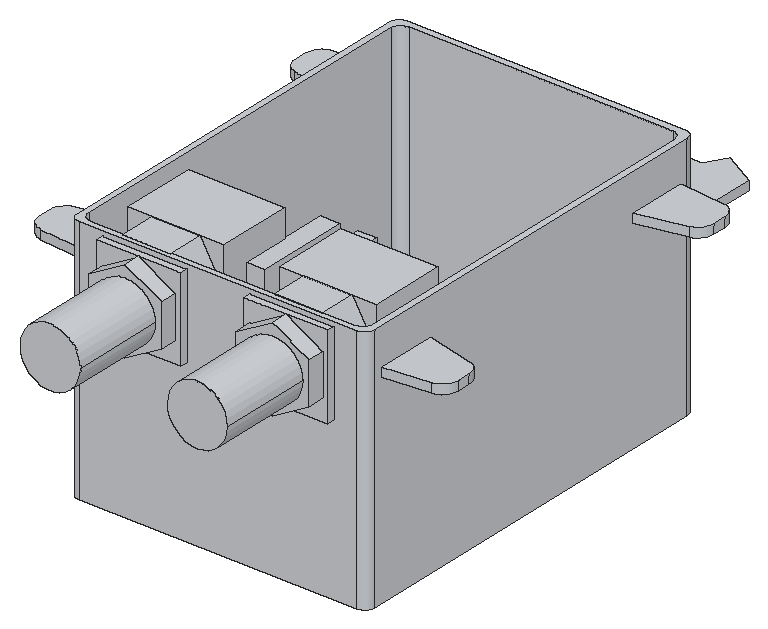
Revit family
Parameters
  Waste Connection = no
  Outlet Connector Type = "3/4 MHT"
  Inlet Connector Type = "1/2 Female Sweat"
  Frame Visibility [instance] = no
  Default Elevation = 40.00"
Reference planes (in)
  plane 1 "Center (Front/Back)": y = 0
  plane 2: z = 0
  plane 3 "Center (Left/Right)": x = 0
Forms (in)
  Extrusion 1, solid, not visible
    sketch origin (0, 0, 0) x (1, 0, 0) y (0, 1, 0)
      loop
        line (-48, 48) -> (-48, -48) -> (48, -48) -> (48, 48) -> (-48, 48)
    from 0 to -12
  Extrusion 2, solid
    sketch origin (-7.70397, -2.8125, -0.625) x (1, 0, 0) y (0, 1, 0)
      loop
        line (9.74457, 5.38) -> (9.74457, 4.5495) -> (10.41144, 4.7033)
        arc (10.41144, 4.7033) -> (10.53349, 4.78027) -> (10.58107, 4.9165) r 0.2188
        line (10.58107, 4.9165) -> (10.58107, 5.0987)
        arc (10.58107, 5.0987) -> (10.52446, 5.24556) -> (10.38392, 5.31643) r 0.2188
        line (10.38392, 5.31643) -> (9.74457, 5.38)
    from 0 to 0.125
  Extrusion 3, solid
    sketch origin (7.70397, -2.8125, -0.625) x (-1, 0, 0) y (0, -1, 0)
      loop
        line (9.74457, -5.38) -> (10.38392, -5.31643)
        arc (10.38392, -5.31643) -> (10.52446, -5.24556) -> (10.58107, -5.0987) r 0.2188
        line (10.58107, -5.0987) -> (10.58107, -4.9165)
        arc (10.58107, -4.9165) -> (10.53349, -4.78027) -> (10.41144, -4.7033) r 0.2188
        line (10.41144, -4.7033) -> (9.74457, -4.5495) -> (9.74457, -5.38)
    from 0 to 0.125
  Extrusion 4, solid
    sketch origin (-7.70397, 2.8125, -0.625) x (1, 0, 0) y (0, 1, 0)
      loop
        line (9.74457, -5.38) -> (10.38392, -5.31643)
        arc (10.38392, -5.31643) -> (10.52446, -5.24556) -> (10.58107, -5.0987) r 0.2188
        line (10.58107, -5.0987) -> (10.58107, -4.9165)
        arc (10.58107, -4.9165) -> (10.53349, -4.78027) -> (10.41144, -4.7033) r 0.2188
        line (10.41144, -4.7033) -> (9.74457, -4.5495) -> (9.74457, -5.38)
    from 0 to 0.125
  Extrusion 5, solid
    sketch origin (7.70397, 2.8125, -0.625) x (-1, 0, 0) y (0, -1, 0)
      loop
        line (9.74457, 5.38) -> (9.74457, 4.5495) -> (10.41144, 4.7033)
        arc (10.41144, 4.7033) -> (10.53349, 4.78027) -> (10.58107, 4.9165) r 0.2188
        line (10.58107, 4.9165) -> (10.58107, 5.0987)
        arc (10.58107, 5.0987) -> (10.52446, 5.24556) -> (10.38392, 5.31643) r 0.2188
        line (10.38392, 5.31643) -> (9.74457, 5.38)
    from 0 to 0.125
  Extrusion 6, void
    sketch origin (0, -2.8125, -3.75) x (1, 0, 0) y (0, 1, 0)
      loop
        arc (-1.81428, 5.535) -> (-1.91067, 5.49507) -> (-1.9506, 5.39868) r 0.13632
        line (-1.9506, 5.39868) -> (-1.9506, 0.21279)
        arc (-1.9506, 0.21279) -> (-1.91067, 0.11639) -> (-1.81428, 0.07647) r 0.13632
        line (-1.81428, 0.07647) -> (1.81428, 0.07647)
        arc (1.81428, 0.07647) -> (1.91067, 0.11639) -> (1.9506, 0.21279) r 0.13632
        line (1.9506, 0.21279) -> (1.9506, 5.39868)
        arc (1.9506, 5.39868) -> (1.91067, 5.49507) -> (1.81428, 5.535) r 0.13632
        line (1.81428, 5.535) -> (-1.81428, 5.535)
    from 0.47737 to 3.75
  Extrusion 7, solid
    sketch origin (7, -2.8125, -3.75) x (1, 0, 0) y (0, 1, 0)
      loop
        arc (-8.90741, 5.625) -> (-9.00159, 5.58599) -> (-9.0406, 5.49181) r 0.13319
        line (-9.0406, 5.49181) -> (-9.0406, 0.13319)
        arc (-9.0406, 0.13319) -> (-9.00159, 0.03901) -> (-8.90741, 0) r 0.13319
        line (-8.90741, 0) -> (-5.09259, 0)
        arc (-5.09259, 0) -> (-4.99841, 0.03901) -> (-4.9594, 0.13319) r 0.13319
        line (-4.9594, 0.13319) -> (-4.9594, 5.49181)
        arc (-4.9594, 5.49181) -> (-4.99841, 5.58599) -> (-5.09259, 5.625) r 0.13319
        line (-5.09259, 5.625) -> (-8.90741, 5.625)
    from 0.33616 to 3.75
  Extrusion 8, solid
    sketch origin (7, -2.8125, -4.09216) x (1, 0, 0) y (0, 1, 0)
      loop
        line (-8.5603, 6.3475) -> (-8.7288, 6.62451) -> (-9.1936, 6.35561) -> (-9.1936, 5.62871) -> (-9.0406, 5.47571) -> (-8.85627, 5.625) -> (-5.10627, 5.625) -> (-4.95819, 5.47692) -> (-4.8064, 5.62871) -> (-4.8064, 6.35561) -> (-5.2712, 6.62451) -> (-5.4397, 6.3475) -> (-8.5603, 6.3475)
    from 3.125 to 3.25
  Extrusion 9, solid
    sketch origin (-1.75, -1.806, -2.99004) x (1, 0, 0) y (0, 0, 1)
      loop
        line (3.4606, 2.99004) -> (2.1306, 2.99004) -> (2.1306, 1.83823) -> (3.4606, 1.83823) -> (3.4606, 2.99004)
    from -0.61996 to 0.42904
  Extrusion 10, solid
    sketch origin (-1.75, -1.806, -3.43713) x (1, 0, 0) y (0, 0, 1)
      loop
        line (3.4606, 2.86123) -> (3.1281, 3.43713) -> (2.4631, 3.43713) -> (2.1306, 2.86123) -> (2.4631, 2.28532) -> (3.1281, 2.28532) -> (3.4606, 2.86123)
    from 0.42904 to 0.93004
  Extrusion 11, solid
    sketch origin (0.3029, 0, -0.77554) x (1, 0, 0) y (0, 1, 0)
      loop
        line (0.0777, -1.86103) -> (0.0777, -0.57103) -> (-0.1823, -0.57103) -> (-0.1823, -1.86103) -> (0.0777, -1.86103)
    from 0 to 0.39927
  Extrusion 12, solid
    sketch origin (1.75, -1.806, -2.99004) x (-1, 0, 0) y (0, 0, -1)
      loop
        line (3.4606, -2.99004) -> (3.4606, -1.83823) -> (2.1306, -1.83823) -> (2.1306, -2.99004) -> (3.4606, -2.99004)
    from -0.61996 to 0.42904
  Extrusion 13, solid
    sketch origin (1.75, -1.806, -3.43713) x (-1, 0, 0) y (0, 0, -1)
      loop
        line (3.4606, -2.86123) -> (3.1281, -2.28532) -> (2.4631, -2.28532) -> (2.1306, -2.86123) -> (2.4631, -3.43713) -> (3.1281, -3.43713) -> (3.4606, -2.86123)
    from 0.42904 to 0.93004
  Extrusion 14, solid
    sketch origin (-0.3029, 0, -0.77554) x (-1, 0, 0) y (0, -1, 0)
      loop
        line (0.0777, 1.86103) -> (-0.1823, 1.86103) -> (-0.1823, 0.57103) -> (0.0777, 0.57103) -> (0.0777, 1.86103)
    from 0 to 0.4
  Extrusion 15, solid
    sketch origin (-0.65625, 0, 0) x (1, 0, 0) y (0, 0, 1)
      loop
        line (0.22268, -0.0625) -> (-0.92732, -0.0625) -> (-0.92732, -1.21223) -> (0.22268, -1.21223) -> (0.22268, -0.0625)
    from 2.8125 to 2.9125
  Extrusion 16, solid
    sketch origin (0.65625, 0, 0) x (-1, 0, 0) y (0, 0, -1)
      loop
        line (0.22268, 0.0625) -> (0.22268, 1.21223) -> (-0.92732, 1.21223) -> (-0.92732, 0.0625) -> (0.22268, 0.0625)
    from 2.8125 to 2.9125
  Extrusion 17, solid
    sketch origin (0, 0, 0) x (1, 0, 0) y (0, 0, 1)
      loop
        line (-1.0117, -0.0625) -> (-1.50955, -0.34993) -> (-1.50955, -0.9248) -> (-1.0117, -1.21223) -> (-0.51385, -0.9248) -> (-0.51385, -0.34993) -> (-1.0117, -0.0625)
    from 2.9125 to 3.1475
  Extrusion 18, solid
    sketch origin (0, 0, 0) x (-1, 0, 0) y (0, 0, -1)
      loop
        line (-1.0117, 0.0625) -> (-0.51385, 0.34993) -> (-0.51385, 0.9248) -> (-1.0117, 1.21223) -> (-1.50955, 0.9248) -> (-1.50955, 0.34993) -> (-1.0117, 0.0625)
    from 2.9125 to 3.1475
  Extrusion 19, solid
    sketch origin (0, 0, 0) x (1, 0, 0) y (0, 0, 1)
      loop
        circle (-1.0117, -0.63736) r 0.4125
    from 4.42992 to 3.1475
  Extrusion 20, solid
    sketch origin (0, 0, 0) x (-1, 0, 0) y (0, 0, -1)
      loop
        circle (-1.0117, 0.63736) r 0.4125
    from 4.42992 to 3.1475
  Sweep 21, solid, not visible
    path origin (0, 0, 0) x (1, 0, 0) y (0, 0, 1)
      loop
        line (-1.7174, 2.5401) -> (-1.7174, -2.5401) -> (1.7174, -2.5401) -> (1.7174, 2.5401) -> (-1.7174, 2.5401)
    profile origin (-1.7174, 0, 0) x (0, -1, 0) y (1, 0, 0)
      loop
        line (0, 0) -> (0, -1.1782) -> (0.125, -1.1782)
        arc (0.125, -1.1782) -> (0.18244, -0.8066) -> (0.29371, -0.44742) r 2.55875
        arc (0.29371, -0.44742) -> (0.35615, -0.22767) -> (0.375, 0) r 1.17785
        line (0.375, 0) -> (0, 0)
  Sweep 22, solid, visible <- "Frame Visibility"
    path origin (0, 0, 0) x (1, 0, 0) y (0, 1, 0)
      loop
        line (-1.7174, 2.5401) -> (-1.7174, -2.5401) -> (1.7174, -2.5401) -> (1.7174, 2.5401) -> (-1.7174, 2.5401)
    profile origin (-1.7174, 0, 0) x (1, 0, 0) y (0, 0, 1)
      loop
        line (0, 0) -> (0, 0.375)
        arc (0, 0.375) -> (-0.22767, 0.35615) -> (-0.44742, 0.29371) r 1.17785
        arc (-0.44742, 0.29371) -> (-0.8066, 0.18244) -> (-1.1782, 0.125) r 2.55875
        line (-1.1782, 0.125) -> (-1.1782, 0) -> (0, 0)
Cuts and joins
  Extrusion 6 cuts Extrusion 7
Lines and regions (in)
  model lines
    curve 1: circle (2.6206, 2.1725, -0.5) r 0.09 normal (0, 0, 1)
    curve 2: circle (-2.6206, 2.1725, -0.5) r 0.09 normal (0, 0, -1)
    curve 3: circle (2.6206, -2.1725, -0.5) r 0.09 normal (0, 0, -1)
    curve 4: circle (-2.6206, -2.1725, -0.5) r 0.09 normal (0, 0, 1)
    curve 5: line (-0.2884, 2.8125, -0.84216) -> (-0.2884, 3.535, -0.84216)
    curve 6: line (0.3116, 2.8125, -0.84216) -> (0.3116, 3.535, -0.84216)
    curve 7: line (0.9116, 2.8125, -0.84216) -> (0.9116, 3.535, -0.84216)
    curve 8: line (-0.8884, 2.8125, -0.84216) -> (-0.8884, 3.535, -0.84216)
    curve 9: line (-1.4884, 2.8125, -0.84216) -> (-1.4884, 3.535, -0.84216)
    curve 10: line (1.5116, 2.8125, -0.84216) -> (1.5116, 3.535, -0.84216)
    curve 11: line (-1.6414, 2.8125, -0.84216) -> (-1.6414, 3.535, -0.84216)
    curve 12: line (-1.5603, 3.535, -0.84216) -> (-1.6414, 3.535, -0.84216)
    curve 13: line (-1.6414, 3.535, -0.84216) -> (-1.70032, 3.31511, -0.84216)
    curve 14: line (-1.70032, 3.31511, -0.84216) -> (-2.1936, 3.10261, -0.84216)
    curve 15: line (1.5603, 3.535, -0.84216) -> (1.6414, 3.535, -0.84216)
    curve 16: line (1.6414, 3.535, -0.84216) -> (1.70032, 3.31511, -0.84216)
    curve 17: line (1.70032, 3.31511, -0.84216) -> (2.1936, 3.10261, -0.84216)
    curve 18: line (-1.8226, 3.55987, -0.84216) -> (-1.8226, 3.37958, -0.84216)
    curve 19: line (-1.8226, 3.37958, -0.84216) -> (-2.00154, 3.3025, -0.84216)
    curve 20: line (-2.00154, 3.3025, -0.84216) -> (-2.00154, 3.48278, -0.84216)
    curve 21: line (-1.8226, 3.55987, -0.84216) -> (-2.00154, 3.48278, -0.84216)
    curve 22: line (1.8226, 3.55987, -0.84216) -> (1.8226, 3.37958, -0.84216)
    curve 23: line (1.8226, 3.37958, -0.84216) -> (2.00154, 3.3025, -0.84216)
    curve 24: line (2.00154, 3.3025, -0.84216) -> (2.00154, 3.48278, -0.84216)
    curve 25: line (1.8226, 3.55987, -0.84216) -> (2.00154, 3.48278, -0.84216)
    curve 26: circle (-1.0456, -1.7116, 0) r 0.45 normal (0, 0, 1)
    curve 27: circle (-1.0456, -1.7116, 0) r 0.1875 normal (0, 0, 1)
    curve 28: circle (1.0456, -1.7116, 0) r 0.45 normal (0, 0, -1)
    curve 29: circle (1.0456, -1.7116, 0) r 0.1875 normal (0, 0, -1)
Dimensions and locks (in)
  locked: Extrusion 18 to cut or joined group of Extrusion 6, Extrusion 7 at 0.335
  locked: Extrusion 17 to cut or joined group of Extrusion 6, Extrusion 7 at 0.335
  locked: cut or joined group of Extrusion 6, Extrusion 7 to plane 1 "Center (Front/Back)" at 2.8125
  locked: cut or joined group of Extrusion 6, Extrusion 7 to cut or joined group of Extrusion 6, Extrusion 7 at 5.625
  locked: Extrusion 19 to cut or joined group of Extrusion 6, Extrusion 7 at 1.61742
  locked: Extrusion 20 to cut or joined group of Extrusion 6, Extrusion 7 at 1.61742
  aligned and locked: plane 2 to Extrusion 1
  aligned and locked: level to Extrusion 1
  aligned and locked: Extrusion 7 to Extrusion 2
  aligned: Extrusion 7 to level
  aligned and locked: Extrusion 2 to Extrusion 4
  aligned and locked: Extrusion 6 to Extrusion 7
  aligned and locked: Extrusion 9 to Extrusion 10
  aligned and locked: Extrusion 13 to Extrusion 12
  aligned and locked: cut or joined group of Extrusion 6, Extrusion 7 to Extrusion 15
  aligned and locked: Extrusion 15 to Extrusion 17
  aligned and locked: Extrusion 19 to Extrusion 17
Connectors (in)
  piping at (-1.0456, -1.71053, 0), driven by "Outlet Connector Type"
    settings: on Extrusion 12, index 1, connector radius 0.19", flow factor 0, pipe flow 0 GPM, pressure drop 0.00 psi, fitting loss kfactor 0, connector angle 0.00°, fixture units 0, flow configuration 0, flow direction 2, fitting loss method 0, system type 19, connector reference index -1, connector utility 0, adjustable connector no, is connector primary yes, fitting loss table "", connector description "3/4 MHT"
  piping at (1.0456, -1.71053, 0), driven by "Outlet Connector Type"
    settings: on Extrusion 9, index 2, connector radius 0.19", flow factor 0, pipe flow 0 GPM, pressure drop 0.00 psi, fitting loss kfactor 0, connector angle 0.00°, fixture units 0, flow configuration 0, flow direction 2, fitting loss method 0, system type 20, connector reference index -1, connector utility 0, adjustable connector no, is connector primary no, fitting loss table "", connector description "3/4 MHT"
  piping at (1.0117, -4.42992, -0.63736), driven by "Inlet Connector Type"
    settings: on Extrusion 20, index 5, connector radius 1/4", flow factor 0, pipe flow 0 GPM, pressure drop 0.00 psi, fitting loss kfactor 0, connector angle 0.00°, fixture units 0, flow configuration 0, flow direction 1, fitting loss method 0, system type 20, connector reference index -1, connector utility 0, adjustable connector no, is connector primary no, fitting loss table "", connector description "1/2 Female Sweat"
  piping at (-1.0117, -4.42992, -0.63736), driven by "Inlet Connector Type"
    settings: on Extrusion 19, index 6, connector radius 1/4", flow factor 0, pipe flow 0 GPM, pressure drop 0.00 psi, fitting loss kfactor 0, connector angle 0.00°, fixture units 0, flow configuration 0, flow direction 1, fitting loss method 0, system type 19, connector reference index -1, connector utility 0, adjustable connector no, is connector primary no, fitting loss table "", connector description "1/2 Female Sweat"
